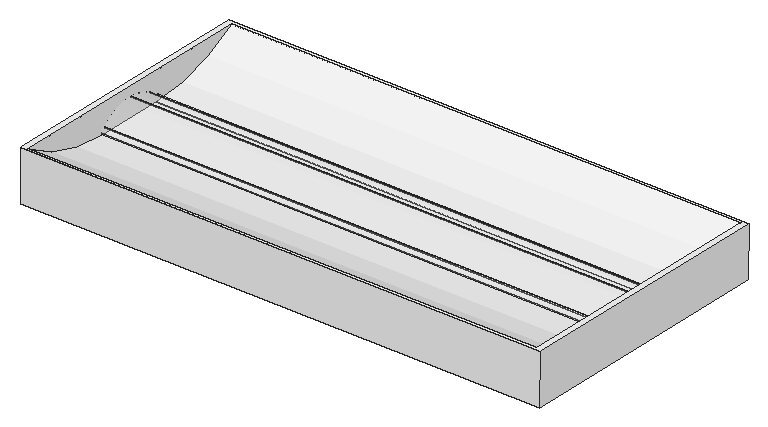
Revit family "LSTE-G", category Lighting Fixtures, host Face, Revit 2012
Parameters (values of type "LSTE24-50XLG-MPO-EDU")
  zz Length = Row Length - 1.000"  # 47.000"
  Width = 24.000"
  Nominal Watts = 88 W
  Wattage = 88 W
  Warranty = "Five year warranty"  # constant formula
  built-in parameter 1150110 = 1 (stored number, unit not read)
  Voltage = 120 V
  built-in parameter 1114217 = 1 (stored number, unit not read)
  Tilt Angle = 90.00°  # constant formula
  built-in parameter 1150109 = 1 (stored number, unit not read)
  built-in parameter 1150134 = 2
  Wattage Comments = "24-88 W"  # constant formula
  URL = "http://www.columbialighting.com/"
  built-in parameter 1150113 = 1 (stored number, unit not read)
  Product Page URL = "http://www.columbialighting.com/products/lste"
  Product Documentation Link = "http://cdn.columbialightinhttp://cdn.columbialighting.com/content/products/psg/psg_files/lste_psg.pdfg.com/content/products/specs/specs_files/lcat24.pdf"
  Photometric Web File = "LSTE24-50XLG-MPO-EDU.ies"
  Photometric Link = "http://www.hubbelllighting.com/resources/photometry/?p=COLUMBIA%20LIGHTING/Recessed%20Architectural/LSTE/"
  Model = "LSTE24-G"
  Manufacturer Phone = "864-678-1000"  # constant formula
  Manufacturer Fax = "866-898-1065"  # constant formula
  Manufacturer = "Columbia Lighting"  # constant formula
  Row Length = 48.000"
  built-in parameter 1150105 = 3508.6 (stored number, unit not read)
  Lumens = 13071.7 lm
  built-in parameter 1150115 = 1 (stored number, unit not read)
  Lumen Output = "Extra High Lumen"
  Load Classification = Lighting
  built-in parameter 1150137 = (empty or 0)
  built-in parameter 1150139 = (empty or 0)
  built-in parameter 1150112 = 1 (stored number, unit not read)
  built-in parameter 1150114 = 1 (stored number, unit not read)
  Lamp = "LED Lamp"  # constant formula
  Light Bulb = Hubbell - White Glass
  built-in parameter 1150132 = (empty or 0)
  built-in parameter 1150102 = (empty or 0)
  built-in parameter 1150107 = 5000 (stored number, unit not read)
  built-in parameter 1150138 = (empty or 0)
  built-in parameter 1150106 = 35.086 (stored number, unit not read)
  Emit from Rectangle Width = 23.000"
  Emit from Rectangle Length = 47.000"
  Emit Shape Visible in Rendering = no
  built-in parameter 1150104 = 13.8 (stored number, unit not read)
  Dimming Lamp Color Temperature Shift = <None>
  Description = "Stratus® LED Architectural Recessed"  # constant formula
  Default Elevation = 48.000"
  Color Filter = 16777215
  Certifications = "NYC Compliant"  # constant formula
  built-in parameter 1114218 = 1 (stored number, unit not read)
  Backbox = Hubbell - White
  built-in parameter 1150133 = 10 (stored number, unit not read)
  Apparent Load = 0 VA
Types (9): name | zz Length | Nominal Watts | Wattage | built-in parameter 1150134 | Photometric Web File | Model | Row Length | built-in parameter 1150105 | Lumens | Lumen Output | built-in parameter 1150107 | built-in parameter 1150106 | Emit from Rectangle Length
  (no name) | 47.000" | 88 W | 88 W | 2 | "LSTE24-50XLG-MPO-EDU.ies" | "LSTE24-G" | 48.000" | 3508.6 (stored number, unit not read) | 13071.7 lm | "Extra High Lumen" | 5000 (stored number, unit not read) | 35.086 (stored number, unit not read) | 47.000"
  LSTE24-35XWG-MPO-EDU | 47.000" | 24 W | 24 W | (empty or 0) | "LSTE24-35XWG-MPO-EDU.ies" | "LSTE24-G" | 48.000" | 283.69 (stored number, unit not read) | 3565.01 lm | "Extra Low Watt" | 3500 (stored number, unit not read) | 2.8369 (stored number, unit not read) | 47.000"
  LSTE24-50XLG-MPO-EDU | 47.000" | 88 W | 88 W | 2 | "LSTE24-50XLG-MPO-EDU.ies" | "LSTE24-G" | 48.000" | 3508.6 (stored number, unit not read) | 13071.7 lm | "Extra High Lumen" | 5000 (stored number, unit not read) | 35.086 (stored number, unit not read) | 47.000"
  LSTE24-40LWG-MPO-EDU | 47.000" | 43 W | 43 W | 12 | "LSTE24-40LWG-MPO-EDU.ies" | "LSTE24-G" | 48.000" | 508.29 (stored number, unit not read) | 6387.3 lm | "Low Watt" | 4000 (stored number, unit not read) | 5.0829 (stored number, unit not read) | 47.000"
  LSTE24-30MWG-MPO-EDU | 47.000" | 37 W | 37 W | (empty or 0) | "LSTE24-30MWG-MPO-EDU.ies" | "LSTE24-G" | 48.000" | 437.36 (stored number, unit not read) | 5496.05 lm | "Medium Low Watt" | 3000 (stored number, unit not read) | 4.3736 (stored number, unit not read) | 47.000"
  LSTE22-50VLG-MPO-EDU | 23.000" | 52 W | 52 W | 2 | "LSTE22-50VLG-MPO-EDU.ies" | "LSTE22-G" | 24.000" | 614.67 (stored number, unit not read) | 7724.18 lm | "Very High Lumen" | 5000 (stored number, unit not read) | 6.1467 (stored number, unit not read) | 23.000"
  LSTE22-40MLG-MPO-EDU | 23.000" | 40 W | 40 W | 12 | "LSTE22-40MLG-MPO-EDU.ies" | "LSTE22-G" | 24.000" | 472.82 (stored number, unit not read) | 5941.68 lm | "Medium Lumen" | 4000 (stored number, unit not read) | 4.7282 (stored number, unit not read) | 23.000"
  LSTE22-35HLG-MPO-EDU | 23.000" | 42 W | 42 W | (empty or 0) | "LSTE22-35HLG-MPO-EDU.ies" | "LSTE22-G" | 24.000" | 496.46 (stored number, unit not read) | 6238.76 lm | "High Lumen" | 3500 (stored number, unit not read) | 4.9646 (stored number, unit not read) | 23.000"
  LSTE22-30LWG-MPO-EDU | 23.000" | 29 W | 29 W | (empty or 0) | "LSTE22-30LWG-MPO-EDU.ies" | "LSTE22-G" | 24.000" | 342.8 (stored number, unit not read) | 4307.72 lm | "Low Watt" | 3000 (stored number, unit not read) | 3.428 (stored number, unit not read) | 23.000"
Reference planes (in)
  plane 1 "Center (Front/Back)": y = 0.03999
  plane 2: z = 0
  plane 3 "Center (Left/Right)": x = 1.66944
  plane 4: x = -22.33056
  plane 5: x = 25.66944
  plane 6: z = -4.625
Forms (in)
  Extrusion 1, void
    sketch origin (0, 0, 0) x (1, 0, 0) y (0, 1, 0)
      loop
        line (-22.33056, 12.03999) -> (-22.33056, -11.96001) -> (25.66944, -11.96001) -> (25.66944, 12.03999) -> (-22.33056, 12.03999)
    from -4.625 to 0
Dimensions and locks (in)
  equal spacing: plane 5, plane 3 "Center (Left/Right)", plane 4
  level to plane 6 = 4.625"
  "Row Length": plane 5 to plane 4
  plane 6 to plane 2 = 4.625"
  aligned and locked: plane 2 to host face
  aligned and locked: level to host face
  aligned and locked: plane 3 "Center (Left/Right)" to nested 1
  aligned and locked: plane 1 "Center (Front/Back)" to nested 1
  aligned and locked: imposter light to plane 3 "Center (Left/Right)"
  aligned and locked: plane 1 "Center (Front/Back)" to imposter light
  aligned and locked: plane 2 to imposter light
  aligned and locked: Extrusion 1 sketch curve to nested 1  (x4)
  aligned and locked: plane 2 to Extrusion 1
  aligned and locked: Extrusion 1 to plane 6
Automatic sketch dimensions
  host sketch curve to host sketch curve = 96.000"  (x2)
Nested families (in)
  nested 1: "LSTE Fixture" at (1.66944, 0.03999, -4.625), Glass <- "Light Bulb", Finish <- "Backbox", Row Length <- "Row Length", Width <- "Width", type "LSTE Fixture"
    with Width 24.000", Row Length 48.000", Height 4.625", Glass Hubbell - White Glass, Finish Hubbell - White
Definition of nested family "LSTE Fixture"
  Parameters (values of type "LED Contemporary Architectural Troffer")
    Width [instance] = 24.000"
    Row Length [instance] = 24.000"
    Height [instance] = 4.000"
    Glass [instance] = none
    Finish [instance] = none
    Default Elevation = 48.000"
  Reference planes (in)
    plane 1 "Center (Front/Back)": y = 0
    plane 2: z = 0
    plane 3 "Center (Left/Right)": x = 0
    plane 4: x = 12
    plane 5: x = -12
    plane 6: y = -12
    plane 7: y = 12
    plane 8: z = 4
    plane 9: x = -11.5
    plane 10: x = 11.5
    plane 11: y = -3
    plane 12: y = 3
    plane 13: z = 2
    plane 14: y = -11.75
    plane 15: y = 11.75
    plane 16: z = 0.25
  Forms (in)
    Extrusion 1, solid
      sketch origin (0, 0, 0) x (1, 0, 0) y (0, 1, 0)
        loop
          line (-48, 48) -> (-48, -48) -> (48, -48) -> (48, 48) -> (-48, 48)
      from 0 to -12
    Extrusion 2, solid, material <- "Glass"
      sketch origin (0, 0, 0) x (0, 1, 0) y (0, 0, 1)
        loop
          arc (-3.0054, 2) -> (-3.2554, 2.25) -> (-3.0054, 2.5) r 0.25
          arc (-3.0054, 2.5) -> (-1.62233, 3.40315) -> (0, 3.71395) r 4.27102
          arc (0, 3.71395) -> (1.62233, 3.40315) -> (3.0054, 2.5) r 4.27102
          arc (3.0054, 2.5) -> (3.2554, 2.25) -> (3.0054, 2) r 0.25
          line (3.0054, 2) -> (3.0054, 1.89823)
          arc (3.0054, 1.89823) -> (3.35619, 2.24902) -> (3.0054, 2.59982) r 0.35079
          arc (3.0054, 2.59982) -> (1.6184, 3.48995) -> (0, 3.80122) r 4.35698
          arc (0, 3.80122) -> (-1.6184, 3.48995) -> (-3.0054, 2.59982) r 4.35698
          arc (-3.0054, 2.59982) -> (-3.35619, 2.24902) -> (-3.0054, 1.89823) r 0.35079
          line (-3.0054, 1.89823) -> (-3.0054, 2)
      from -11.5 to 11.5
    Extrusion 3, solid, material <- "Finish"
      sketch origin (0, 0, 0) x (0, 1, 0) y (0, 0, 1)
        loop
          line (-12, 4) -> (-12, 0) -> (12, 0) -> (12, 4) -> (-12, 4)
      from 11.5 to 12
    Extrusion 4, solid, material <- "Finish"
      sketch origin (0, 0, 0) x (0, 1, 0) y (0, 0, 1)
        loop
          line (12, 4) -> (-12, 4) -> (-12, 0) -> (12, 0) -> (12, 4)
      from -12 to -11.5
    Extrusion 5, solid, material <- "Finish"
      sketch origin (0, 0, 0) x (0, 1, 0) y (0, 0, 1)
        loop
          line (-12, 0) -> (12, 0) -> (12, 4) -> (11.75, 4) -> (11.75, 0.25) -> (-11.75, 0.25) -> (-11.75, 4) -> (-12, 4) -> (-12, 0)
      from -11.5 to 11.5
    Extrusion 6, solid, material <- "Finish"
      sketch origin (0, 0, 0) x (0, 1, 0) y (0, 0, 1)
        loop
          arc (-3, 2) -> (-7.48783, 2.50637) -> (-11.75, 4) r 20.14062
          line (-11.75, 4) -> (-11.75, 0.25) -> (11.75, 0.25) -> (11.75, 4)
          arc (11.75, 4) -> (7.48783, 2.50637) -> (3, 2) r 20.14062
          line (3, 2) -> (-3, 2)
      from -12 to 12
  Cuts and joins
    joined: Extrusion 3, Extrusion 4, Extrusion 5, Extrusion 6
  Dimensions and locks (in)
    equal spacing: plane 4, plane 3 "Center (Left/Right)", plane 5
    "Row Length": plane 4 to plane 5
    equal spacing: plane 6, plane 1 "Center (Front/Back)", plane 7
    "Width": plane 6 to plane 7
    "Height": plane 8 to plane 2
    equal spacing: plane 10, plane 3 "Center (Left/Right)", plane 9
    locked: plane 9 to plane 5 at 0.5
    equal spacing: plane 11, plane 1 "Center (Front/Back)", plane 12
    locked: plane 11 to plane 1 "Center (Front/Back)" at 3
    locked: plane 6 to plane 14 at 0.25
    equal spacing: plane 14, plane 1 "Center (Front/Back)", plane 15
    locked: plane 16 to level at 0.25
    level to Extrusion 5 = 4.000"
    aligned and locked: plane 2 to Extrusion 1
    aligned and locked: level to Extrusion 1
    aligned and locked: Extrusion 2 to plane 10
    aligned and locked: Extrusion 2 to plane 9
    aligned and locked: plane 8 to Extrusion 3 sketch curve
    aligned and locked: plane 6 to Extrusion 3 sketch curve
    aligned and locked: level to Extrusion 3 sketch curve
    aligned and locked: Extrusion 3 sketch curve to plane 7
    aligned and locked: plane 4 to Extrusion 3
    aligned and locked: plane 10 to Extrusion 3
    aligned and locked: Extrusion 4 sketch curve to Extrusion 3  (x4)
    aligned and locked: Extrusion 4 to plane 5
    aligned and locked: plane 9 to Extrusion 4
    aligned and locked: Extrusion 5 sketch curve to Extrusion 3  (x4)
    aligned and locked: plane 8 to Extrusion 5 sketch curve
    aligned and locked: Extrusion 5 sketch curve to plane 14
    aligned and locked: plane 16 to Extrusion 5 sketch curve
    aligned and locked: Extrusion 5 sketch curve to plane 15
    aligned and locked: Extrusion 5 to plane 10
    aligned and locked: Extrusion 5 to plane 9
    aligned and locked: plane 13 to Extrusion 6 sketch curve
    aligned and locked: plane 12 to Extrusion 6 sketch curve
    aligned and locked: plane 11 to Extrusion 6 sketch curve
    aligned and locked: Extrusion 6 sketch curve to plane 14
    aligned and locked: plane 16 to Extrusion 6 sketch curve
    aligned and locked: Extrusion 6 sketch curve to plane 15
    aligned and locked: plane 4 to Extrusion 6
    aligned and locked: Extrusion 6 to plane 5
  Automatic sketch dimensions
    Extrusion 1 sketch curve to Extrusion 1 sketch curve = 96.000"  (x2)
    plane 13 to Extrusion 2 sketch curve = 0.000"  (x2)
    Extrusion 2 sketch curve to plane 1 "Center (Front/Back)" = 0.000"  (x2)
    plane 1 "Center (Front/Back)" to Extrusion 2 sketch curve = 0.00113"
    Extrusion 2 sketch curve to Extrusion 2 sketch curve = 0.0216"  (x2)
    Extrusion 2 sketch curve to plane 11 = 0.0054"
    Extrusion 2 sketch curve to plane 1 "Center (Front/Back)" = 0.00113"
    Extrusion 2 sketch curve to plane 12 = 0.0054"
    plane 13 to Extrusion 2 sketch curve = 0.10177"  (x2)
    Extrusion 2 sketch curve to level = 0.55575"
    Extrusion 2 sketch curve to Extrusion 2 sketch curve = 0.000"
    Extrusion 2 sketch curve to Extrusion 2 sketch curve = 0.00126"  (x2)
    Extrusion 2 sketch curve to Extrusion 2 sketch curve = 0.24902"
    Extrusion 2 sketch curve to Extrusion 2 sketch curve = 0.00098"
    plane 8 to Extrusion 6 sketch curve = 0.000"  (x2)
